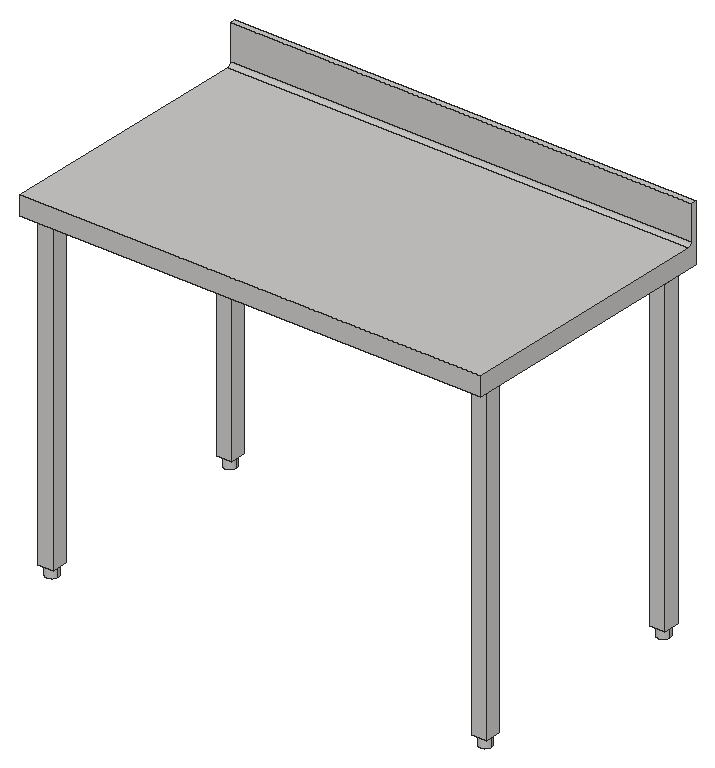
Revit family "QF_ZANUSSI_132731_TG1210PN", category Attrezzature speciali, Revit 2020
Family settings
  Quota connettore circolare = Usa diametro
  Tipo di parte = Normale
  Basato su piano di lavoro = No
  Sempre verticale = Sì
  Taglio con vuoti quando caricato = No
  Condiviso = No
  Punto di calcolo locali = No
Parameters (values of type "Standard")
  Weight = 29.00 kg
  Watts = 0 W
  Volts = 0 V
  URL Manufacturer = "http://www.zanussiprofessional.com"
  URL = "http://www.zanussiprofessional.com"
  Steam Supply Size = 0 mm
  Steam Supply Minimum Pressure = 0.0 Pa
  Steam Supply Maximum Pressure = 0.0 Pa
  Steam Consumption per Hour = 0
  Refrigeration Suction Line Size = 0.0 mm
  Refrigeration Liquid Line Size = 0.0 mm
  Refrigerant Compressor Remote = yes
  Prospetto di default = 0.0 mm
  Produttore = "Zanussi"
  Phase = 0
  Modello = "TG1210PN"
  Length Actual = 1200.0 mm  # constant formula
  Item Number = "132731"
  Hot Water Size = 0 mm
  Height Actual = 1000.0 mm  # constant formula
  HP = "0 HP"
  Gas Size = 0 mm
  Gas KW = 0
  Gas Input Pressure = 0 W
  Direct Waste Size = 0 mm
  Descrizione = "WORK TABLE WITH UPSTAND 1200 MM"
  Depth Actual = 700.0 mm  # constant formula
  Cycle = 0 Hz
  Condensate Return Size = 0 mm
  Compressed Air Volume = 0.0 L/s
  Compressed Air Size = 0 mm
  Compressed Air Pressure = 0.0 Pa
  Cold Water Size = 0 mm
  Accessory = yes
Reference planes
  plane 1 "Center (Front/Back)": y = 0
  plane 2: z = 0
  plane 3 "Center (Left/Right)": x = -100
  plane 4 "LEFT": x = -700
  plane 5 "RIGHT": x = 500
  plane 6 "BACK": y = 350
  plane 7 "FRONT": y = -350
  plane 8 "Base": z = 850
  plane 9 "TOP": z = 900
  plane 10: x = -664.5
  plane 11: x = 464.5
  plane 12: y = 290
  plane 13: y = -290
Forms (mm)
  Extrusion 1, solid, material "QF_Finishes_Stainless Steel"
    sketch origin (-100, 0, 0) x (0, 1, 0) y (0, 0, 1)
      loop
        line (-350, 850) -> (350, 850) -> (350, 1000) -> (337, 1000) -> (337, 910)
        arc (337, 910) -> (334.071, 902.929) -> (327, 900) r 10
        line (327, 900) -> (-350, 900) -> (-350, 850)
    from 600 to -600
Lines and regions (mm)
  symbolic lines
    curve 1: line (500, 350, 900) -> (-700, 350, 900)
    curve 2: line (-700, 350, 900) -> (-700, -350, 900)
    curve 3: line (-700, -350, 900) -> (500, -350, 900)
    curve 4: line (500, -350, 900) -> (500, 350, 900)
    curve 5: line (500, 337, 900) -> (-700, 337, 900)
Dimensions and locks
  plane 4 "LEFT" to plane 5 "RIGHT" = 1200.0 mm
  equal spacing: plane 4 "LEFT", plane 3 "Center (Left/Right)", plane 5 "RIGHT"
  locked: plane 8 "Base" to level at 850
  plane 4 "LEFT" to plane 10 = 35.5 mm
  plane 11 to plane 5 "RIGHT" = 35.5 mm
  plane 10 to plane 11 = 1129.0 mm
  locked: Extrusion 1 to level at 1000
  plane 9 "TOP" to level = 900.0 mm
  plane 6 "BACK" to plane 12 = 60.0 mm
  plane 13 to plane 7 "FRONT" = 60.0 mm
  plane 6 "BACK" to plane 7 "FRONT" = 700.0 mm
  plane 12 to plane 13 = 580.0 mm
  equal spacing: plane 6 "BACK", plane 1 "Center (Front/Back)", plane 7 "FRONT"
  aligned and locked: level to plane 2
  aligned and locked: plane 10 to nested 1
  aligned and locked: nested 1 to plane 13
  aligned and locked: plane 11 to nested 2
  aligned and locked: nested 2 to plane 13
  aligned and locked: plane 11 to nested 4
  aligned and locked: nested 4 to plane 12
  aligned and locked: plane 10 to nested 3
  aligned and locked: nested 3 to plane 12
  aligned and locked: Extrusion 1 to plane 4 "LEFT"
  aligned and locked: plane 5 "RIGHT" to Extrusion 1
  aligned and locked: curve 2 to plane 4 "LEFT"
Automatic sketch dimensions
  Extrusion 1 sketch curve to plane 7 "FRONT" = 0.0 mm
  Extrusion 1 sketch curve to plane 9 "TOP" = 0.0 mm
  Extrusion 1 sketch curve to plane 6 "BACK" = 0.0 mm
  Extrusion 1 sketch curve to plane 8 "Base" = 0.0 mm
  plane 9 "TOP" to Extrusion 1 sketch curve = 10.0 mm
  Extrusion 1 sketch curve to plane 6 "BACK" = 13.0 mm
  Extrusion 1 sketch curve to Extrusion 1 sketch curve = 90.0 mm
  curve 3 to plane 7 "FRONT" = 0.0 mm
  curve 5 to plane 5 "RIGHT" = 0.0 mm
  curve 4 to plane 6 "BACK" = 0.0 mm
  curve 5 to plane 6 "BACK" = 13.0 mm
Nested families
  nested 1: "FEET_40x40" at (-664.5, -290, 0), type "FEET_40x40"
  nested 2: "FEET_40x40" at (464.5, -290, 0), type "FEET_40x40"
  nested 3: "FEET_40x40" at (-664.5, 290, 0), type "FEET_40x40"
  nested 4: "FEET_40x40" at (464.5, 290, 0), type "FEET_40x40"
Definition of nested family "FEET_40x40"
  Parameters
    Default Elevation = 0.0 mm
    FEET = 850.0 mm
  Reference planes
    plane 1 "Center (Front/Back)": y = 0
    plane 2: z = 0
    plane 3 "Center (Left/Right)": x = 0
    plane 4: z = 850
  Forms (mm)
    Extrusion 1, solid
      sketch origin (0, 0, 0) x (1, 0, 0) y (0, 1, 0)
        loop
          line (-20, -20) -> (20, -20) -> (20, 20) -> (-20, 20) -> (-20, -20)
      from 25 to 845
    Extrusion 2, solid
      sketch origin (0, 0, 0) x (1, 0, 0) y (0, 1, 0)
        loop
          circle (0, 0) r 16
      from 0 to 25
    Extrusion 3, solid
      sketch origin (0, 0, 0) x (1, 0, 0) y (0, 1, 0)
        loop
          line (30, 30) -> (-30, 30) -> (-30, -30) -> (30, -30) -> (30, 30)
      from 845 to 850
  Lines and regions (mm)
    symbolic lines
      curve 1: line (0, -1.503, 0) -> (0, 1.508, 0)
      curve 2: line (1.561, 0, 0) -> (-1.439, 0, 0)
  Dimensions and locks
    "FEET": plane 4 to plane 2
    aligned and locked: level to plane 2
  Automatic sketch dimensions
    Extrusion 1 sketch curve to plane 3 "Center (Left/Right)" = 20.0 mm
    plane 3 "Center (Left/Right)" to Extrusion 1 sketch curve = 20.0 mm
    plane 1 "Center (Front/Back)" to Extrusion 1 sketch curve = 20.0 mm
    Extrusion 1 sketch curve to plane 1 "Center (Front/Back)" = 20.0 mm
    plane 1 "Center (Front/Back)" to Extrusion 2 sketch curve = 0.0 mm
    Extrusion 2 sketch curve to plane 3 "Center (Left/Right)" = 0.0 mm
    plane 3 "Center (Left/Right)" to Extrusion 3 sketch curve = 30.0 mm
    Extrusion 3 sketch curve to plane 1 "Center (Front/Back)" = 30.0 mm
    Extrusion 3 sketch curve to plane 3 "Center (Left/Right)" = 30.0 mm
    plane 1 "Center (Front/Back)" to Extrusion 3 sketch curve = 30.0 mm
    plane 1 "Center (Front/Back)" to curve 2 = 0.0 mm
    curve 1 to plane 3 "Center (Left/Right)" = 0.0 mm
    curve 2 to plane 3 "Center (Left/Right)" = 1.439 mm
    plane 3 "Center (Left/Right)" to curve 2 = 1.561 mm
    plane 1 "Center (Front/Back)" to curve 1 = 1.503 mm
    curve 1 to plane 1 "Center (Front/Back)" = 1.508 mm
    radius of Extrusion 2 sketch curve = 16.0 mm
